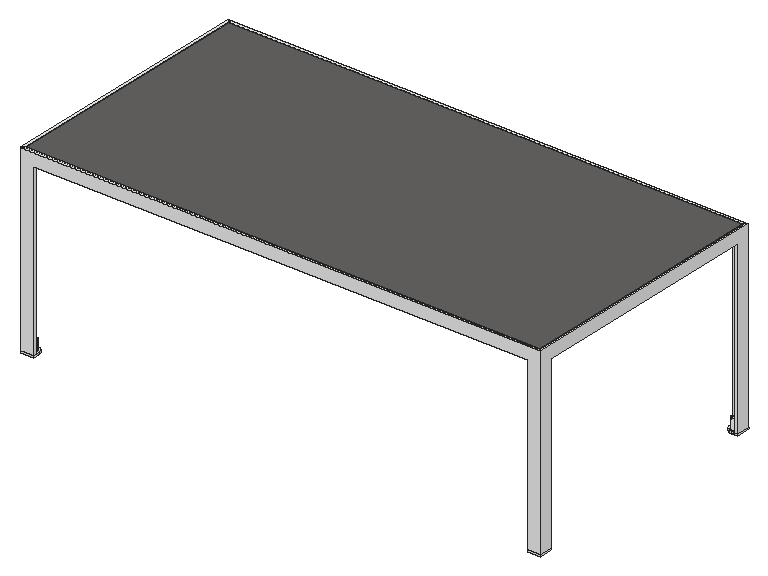
Revit family "Table-Multi_Use-Teknion-PRBG-R2014", category Furniture, Revit 2014
Parameters (values of type "(See Type Catalog)")
  Width = 80 11/16"
  Warranty = "http://www.teknionstudio.com/pdfs/Teknion%20Studio%20Warranty.pdf"
  Unit Weight = 0.00 lbf
  URL = "www.teknionstudio.com"
  Table Top Finish = Veneer - Teknion - P7 - Grey Oak
  Series = "B&B Italia"
  Product Page URL = "http://www.teknionstudio.com/progetto1/"
  Product Line = "Progetto"
  Product Documentation Link = "http://www.teknionstudio.com/pricing/progetto_ppg.pdf"
  Part Number = "PRBG"
  Model = ""
  Manufacturer Phone = "919-464-2920"
  Manufacturer Fax = "919-464-2927"
  Manufacturer Email = "customersupport@teknionstudio.com"
  Manufacturer Address = "3940 US 70 Business HWY West, Clayton, NC 27520"
  Manufacturer = "StudioTK"  # constant formula
  Low Emitting Material = yes
  Low Emitting Finish = yes
  Interior Frame Finish = none
  Height = 28 119/128"
  Foot Offset = if(Adjustable Foot, 5/8", 1/4")  # 5/8"
  Fixed Foot = not(Adjustable Foot)  # no
  Exterior Frame Finish = Metal - Teknion - C6 - Chrome
  Description = ""
  Depth = 40 43/128"
  Assembly Code = "E2020200"
  Adjustable Foot = yes
Reference planes (in)
  plane 1 "Center F/B": y = 0
  plane 2: z = 0
  plane 3 "Center L/R": x = 0
  plane 4 "Left": x = -40.34375
  plane 5 "Right": x = 40.34375
  plane 6 "Back": y = 20.16797
  plane 7 "Front": y = -20.16797
  plane 8 "Top": z = 28.92969
  plane 9: z = 0.625
  plane 10 "Revolve Front": y = -18.89639
  plane 11 "Revolve Back": y = 18.89639
  plane 12: z = 28.52344
Forms (in)
  Sweep 1, solid, material "Veneer - Teknion - P7 - Grey Oak" <- "Table Top Finish"
    path origin (0, 0, 28.92969) x (-1, 0, 0) y (0, -1, 0)
      loop
        line (39.94233, 0) -> (-39.94233, 0)
    profile origin (0, 0, 28.92969) x (0, 1, 0) y (0, 0, 1)
      loop
        line (19.76655, 0) -> (-19.76655, 0) -> (-19.76655, -0.40625) -> (19.76655, -0.40625) -> (19.76655, 0)
  Sweep 2, solid, material "Metal - Teknion - C6 - Chrome" <- "Exterior Frame Finish"
    path origin (0, 0, 0) x (1, 0, 0) y (0, 0, 1)
      loop
        line (0, 28.92969) -> (0, 0.625)
    profile origin (0, 0, 14.77734) x (0, -1, 0) y (1, 0, 0)
      loop
        line (-18.1473, -39.94233) -> (-19.66827, -39.94233) -> (-20.06968, -40.34375) -> (-18.1473, -40.34375) -> (-18.1473, -39.94233)
      loop
        line (-19.76655, -39.84405) -> (-19.76655, -38.32308) -> (-20.16797, -38.32308) -> (-20.16797, -40.24546) -> (-19.76655, -39.84405)
      loop
        line (-18.1473, 39.94233) -> (-18.1473, 40.34375) -> (-20.06968, 40.34375) -> (-19.66827, 39.94233) -> (-18.1473, 39.94233)
      loop
        line (-19.76655, 39.84405) -> (-20.16797, 40.24546) -> (-20.16797, 38.32308) -> (-19.76655, 38.32308) -> (-19.76655, 39.84405)
      loop
        line (18.1473, 39.94233) -> (19.66827, 39.94233) -> (20.06968, 40.34375) -> (18.1473, 40.34375) -> (18.1473, 39.94233)
      loop
        line (19.76655, 39.84405) -> (19.76655, 38.32308) -> (20.16797, 38.32308) -> (20.16797, 40.24546) -> (19.76655, 39.84405)
      loop
        line (18.1473, -39.94233) -> (18.1473, -40.34375) -> (20.06968, -40.34375) -> (19.66827, -39.94233) -> (18.1473, -39.94233)
      loop
        line (19.76655, -39.84405) -> (20.16797, -40.24546) -> (20.16797, -38.32308) -> (19.76655, -38.32308) -> (19.76655, -39.84405)
  Sweep 3, solid, material "Metal - Teknion - C6 - Chrome" <- "Exterior Frame Finish"
    path origin (0, 0, 28.92969) x (-1, 0, 0) y (0, -1, 0)
      loop
        line (0, 18.1473) -> (0, -18.1473)
    profile origin (0, 0, 28.92969) x (-1, 0, 0) y (0, 0, 1)
      loop
        line (40.34375, 0) -> (39.94233, 0) -> (39.94233, -1.9685) -> (40.34375, -1.9685) -> (40.34375, 0)
      loop
        line (-40.34375, 0) -> (-40.34375, -1.9685) -> (-39.94233, -1.9685) -> (-39.94233, 0) -> (-40.34375, 0)
  Sweep 4, solid, material "Metal - Teknion - C6 - Chrome" <- "Exterior Frame Finish", visible <- "Adjustable Foot"
    path origin (0, 0, 0) x (1, 0, 0) y (0, 0, 1)
      loop
        line (0, 0.376) -> (0, 0.625)
    profile origin (0, 0, 0.5005) x (-1, 0, 0) y (0, -1, 0)
      loop
        line (40.34375, -20.16797) -> (40.34375, -18.1473) -> (39.32308, -18.1473)
        arc (39.32308, -18.1473) -> (38.61597, -18.44019) -> (38.32308, -19.1473) r 1
        line (38.32308, -19.1473) -> (38.32308, -20.16797) -> (40.34375, -20.16797)
      loop
        line (-40.34375, -20.16797) -> (-38.32308, -20.16797) -> (-38.32308, -19.1473)
        arc (-38.32308, -19.1473) -> (-38.61597, -18.44019) -> (-39.32308, -18.1473) r 1
        line (-39.32308, -18.1473) -> (-40.34375, -18.1473) -> (-40.34375, -20.16797)
      loop
        line (-40.34375, 20.16797) -> (-40.34375, 18.1473) -> (-39.32308, 18.1473)
        arc (-39.32308, 18.1473) -> (-38.61597, 18.44019) -> (-38.32308, 19.1473) r 1
        line (-38.32308, 19.1473) -> (-38.32308, 20.16797) -> (-40.34375, 20.16797)
      loop
        line (40.34375, 20.16797) -> (38.32308, 20.16797) -> (38.32308, 19.1473)
        arc (38.32308, 19.1473) -> (38.61597, 18.44019) -> (39.32308, 18.1473) r 1
        line (39.32308, 18.1473) -> (40.34375, 18.1473) -> (40.34375, 20.16797)
  Revolve 5, solid, material "Metal - Teknion - C6 - Chrome" <- "Exterior Frame Finish", visible <- "Adjustable Foot"
    sketch origin (0, -18.89639, 0) x (1, 0, 0) y (0, 0, 1)
      loop
        line (-38.69808, 2.17054) -> (-39.07308, 2.17054) -> (-39.07308, 0) -> (-38.76058, 0) -> (-38.76058, 0.126) -> (-38.69808, 0.126) -> (-38.69808, 2.17054)
      axis (-39.07308, 0) -> (-39.07308, 2.17054)
    angle from 0 to 360
  Sweep 6, solid, material "Metal - Teknion - C6 - Chrome" <- "Exterior Frame Finish", visible <- "Adjustable Foot"
    path origin (0, -18.89639, 0) x (1, 0, 0) y (0, 0, 1)
      loop
        line (0, 0.376) -> (0, 0.625)
    profile origin (0, -18.89639, 0.5005) x (-1, 0, 0) y (0, -1, 0)
      loop
        line (38.32308, -38.66295) -> (38.32308, -39.06436) -> (40.34375, -39.06436) -> (40.34375, -37.04369) -> (39.94233, -37.04369) -> (39.94233, -38.66295) -> (38.32308, -38.66295)
      loop
        line (-38.32308, -39.06436) -> (-38.32308, -38.66295) -> (-39.94233, -38.66295) -> (-39.94233, -37.04369) -> (-40.34375, -37.04369) -> (-40.34375, -39.06436) -> (-38.32308, -39.06436)
      loop
        line (-40.34375, -0.74909) -> (-39.94233, -0.74909) -> (-39.94233, 0.87016) -> (-38.32308, 0.87016) -> (-38.32308, 1.27158) -> (-40.34375, 1.27158) -> (-40.34375, -0.74909)
      loop
        line (38.32308, 1.27158) -> (38.32308, 0.87016) -> (39.94233, 0.87016) -> (39.94233, -0.74909) -> (40.34375, -0.74909) -> (40.34375, 1.27158) -> (38.32308, 1.27158)
  Sweep 7, solid, material "Metal - Teknion - C6 - Chrome" <- "Exterior Frame Finish"
    path origin (0, 0, 28.92969) x (0, 1, 0) y (-1, 0, 0)
      loop
        line (0, 38.32308) -> (0, -38.32308)
    profile origin (0, 0, 28.92969) x (0, 1, 0) y (0, 0, 1)
      loop
        line (20.16797, 0) -> (19.76655, 0) -> (19.76655, -1.9685) -> (20.16797, -1.9685) -> (20.16797, 0)
      loop
        line (-20.16797, 0) -> (-20.16797, -1.9685) -> (-19.76655, -1.9685) -> (-19.76655, 0) -> (-20.16797, 0)
  Revolve 8, solid, material "Metal - Teknion - C6 - Chrome" <- "Exterior Frame Finish", visible <- "Adjustable Foot"
    sketch origin (0, -18.89639, 0) x (-1, 0, 0) y (0, 0, 1)
      loop
        line (-38.69808, 2.17054) -> (-39.07308, 2.17054) -> (-39.07308, 0) -> (-38.76058, 0) -> (-38.76058, 0.125) -> (-38.69808, 0.125) -> (-38.69808, 2.17054)
      axis (-39.07308, 0) -> (-39.07308, 2.17054)
    angle from 0 to 360
  Revolve 9, solid, material "Metal - Teknion - C6 - Chrome" <- "Exterior Frame Finish", visible <- "Adjustable Foot"
    sketch origin (0, 18.89639, 0) x (1, 0, 0) y (0, 0, 1)
      loop
        line (-38.69808, 2.17054) -> (-39.07308, 2.17054) -> (-39.07308, 0) -> (-38.76058, 0) -> (-38.76058, 0.126) -> (-38.69808, 0.126) -> (-38.69808, 2.17054)
      axis (-39.07308, 0) -> (-39.07308, 2.17054)
    angle from 0 to 360
  Revolve 10, solid, material "Metal - Teknion - C6 - Chrome" <- "Exterior Frame Finish", visible <- "Adjustable Foot"
    sketch origin (0, 18.89639, 0) x (1, 0, 0) y (0, 0, 1)
      loop
        line (38.69808, 2.17054) -> (38.69808, 0.126) -> (38.76058, 0.126) -> (38.76058, 0) -> (39.07308, 0) -> (39.07308, 2.17054) -> (38.69808, 2.17054)
      axis (39.07308, 0) -> (39.07308, 2.17054)
    angle from 0 to 360
  Sweep 11, solid, material <- "Interior Frame Finish"
    path origin (0, -18.89639, 0) x (1, 0, 0) y (0, 0, 1)
      loop
        line (0, 28.52344) -> (0, 26.96118)
    profile origin (0, -18.89639, 27.74231) x (0, -1, 0) y (1, 0, 0)
      loop
        line (-38.66295, -39.94233) -> (0.87016, -39.94233) -> (0.87016, 39.94233) -> (-38.66295, 39.94233) -> (-38.66295, -39.94233)
      loop
        line (0.46875, -39.54092) -> (0.46875, -0.20071) -> (-38.26153, -0.20071) -> (-38.26153, -39.54092) -> (0.46875, -39.54092)
      loop
        line (-38.26153, 39.54092) -> (-38.26153, 0.20071) -> (0.46875, 0.20071) -> (0.46875, 39.54092) -> (-38.26153, 39.54092)
  Sweep 12, solid, material "Metal - Teknion - C6 - Chrome" <- "Exterior Frame Finish", visible <- "Fixed Foot"
    path origin (23.38867, -12.37074, 0) x (1, 0, 0) y (0, 0, 1)
      loop
        line (-23.38867, 0.376) -> (-23.38867, 0.625)
    profile origin (0, -12.37074, 0.5005) x (-1, 0, 0) y (0, -1, 0)
      loop
        line (38.32308, -32.13729) -> (38.32308, -32.5387) -> (40.34375, -32.5387) -> (40.34375, -30.51804) -> (39.94233, -30.51804) -> (39.94233, -32.13729) -> (38.32308, -32.13729)
      loop
        line (-38.32308, -32.5387) -> (-38.32308, -32.13729) -> (-39.94233, -32.13729) -> (-39.94233, -30.51804) -> (-40.34375, -30.51804) -> (-40.34375, -32.5387) -> (-38.32308, -32.5387)
      loop
        line (-40.34375, 5.77656) -> (-39.94233, 5.77656) -> (-39.94233, 7.39582) -> (-38.32308, 7.39582) -> (-38.32308, 7.79723) -> (-40.34375, 7.79723) -> (-40.34375, 5.77656)
      loop
        line (38.32308, 7.79723) -> (38.32308, 7.39582) -> (39.94233, 7.39582) -> (39.94233, 5.77656) -> (40.34375, 5.77656) -> (40.34375, 7.79723) -> (38.32308, 7.79723)
Cuts and joins
  joined: Sweep 4, Revolve 5, Sweep 6, Revolve 9, Revolve 10
  joined: Sweep 2, Sweep 3, Sweep 7
Lines and regions (in)
  Masking region 1
    outline origin (0, 0, 28.92969) x (-1, 0, 0) y (0, -1, 0)
      loop
        line (40.34375, -20.16797) -> (40.34375, 20.16797) -> (-40.34375, 20.16797) -> (-40.34375, -20.16797) -> (40.34375, -20.16797)
  symbolic lines, detail levels medium+fine
    curve 1: line (39.94233, 19.76655, 28.92969) -> (-39.94233, 19.76655, 28.92969)
    curve 2: line (-39.94233, 19.76655, 28.92969) -> (-39.94233, -19.76655, 28.92969)
    curve 3: line (-39.94233, -19.76655, 28.92969) -> (39.94233, -19.76655, 28.92969)
    curve 4: line (39.94233, -19.76655, 28.92969) -> (39.94233, 19.76655, 28.92969)
  symbolic lines, style "FurnitureHiddenLines", detail levels fine
    curve 5: line (-39.54092, 19.36514, 28.92969) -> (-0.20071, 19.36514, 28.92969)
    curve 6: line (-0.20071, 19.36514, 28.92969) -> (-0.20071, -19.36514, 28.92969)
    curve 7: line (-0.20071, -19.36514, 28.92969) -> (-39.54092, -19.36514, 28.92969)
    curve 8: line (-39.54092, -19.36514, 28.92969) -> (-39.54092, 19.36514, 28.92969)
    curve 9: line (0.20071, 19.36514, 28.92969) -> (39.54092, 19.36514, 28.92969)
    curve 10: line (39.54092, 19.36514, 28.92969) -> (39.54092, -19.36514, 28.92969)
    curve 11: line (39.54092, -19.36514, 28.92969) -> (0.20071, -19.36514, 28.92969)
    curve 12: line (0.20071, -19.36514, 28.92969) -> (0.20071, 19.36514, 28.92969)
Dimensions and locks (in)
  equal spacing: plane 4 "Left", plane 3 "Center L/R", plane 5 "Right"
  equal spacing: plane 6 "Back", plane 1 "Center F/B", plane 7 "Front"
  locked: Sweep 1 sketch curve to plane 5 "Right" at 0.40142
  locked: plane 4 "Left" to Sweep 1 sketch curve at 0.40142
  locked: plane 6 "Back" to Sweep 1 sketch curve at 0.40142
  locked: Sweep 1 sketch curve to plane 7 "Front" at 0.40142
  locked: plane 4 "Left" to Sweep 2 sketch curve at 2.02067  (x2)
  locked: Sweep 2 sketch curve to plane 7 "Front" at 2.02067
  locked: plane 4 "Left" to Sweep 2 sketch curve at 0.40142  (x2)
  locked: plane 7 "Front" to Sweep 2 sketch curve at 0.40142
  locked: Sweep 2 sketch curve to plane 7 "Front" at 0.40142
  locked: Sweep 2 sketch curve to plane 5 "Right" at 0.40142  (x2)
  locked: plane 7 "Front" to Sweep 2 sketch curve at 2.02067
  locked: Sweep 2 sketch curve to plane 5 "Right" at 2.02067  (x2)
  locked: plane 9 to Sweep 4 sketch curve at 0.249
  "Width": plane 4 "Left" to plane 5 "Right"
  "Depth": plane 6 "Back" to plane 7 "Front"
  locked: plane 4 "Left" to Sweep 4 sketch curve at 1.02067  (x2)
  locked: plane 6 "Back" to Sweep 4 sketch curve at 1.02067  (x2)
  locked: Sweep 4 sketch curve to plane 5 "Right" at 1.02067  (x2)
  locked: plane 7 "Front" to Sweep 4 sketch curve at 1.02067  (x2)
  locked: Revolve 5 sketch curve to Revolve 5 sketch curve at 0.375
  locked: Revolve 5 sketch curve to Revolve 5 sketch curve at 0.3125
  locked: plane 6 "Back" to Sweep 2 sketch curve at 2.02067
  locked: Sweep 2 sketch curve to plane 6 "Back" at 0.40142
  locked: plane 6 "Back" to Sweep 2 sketch curve at 0.40142
  locked: Sweep 2 sketch curve to plane 6 "Back" at 2.02067
  locked: Revolve 5 sketch curve to plane 4 "Left" at 1.27067
  locked: Revolve 5 sketch curve to plane 2 at 2.17054
  locked: plane 7 "Front" to plane 10 "Revolve Front" at 1.27158
  locked: plane 6 "Back" to plane 11 "Revolve Back" at 1.27158
  locked: plane 9 to Sweep 6 sketch curve at 0.249
  "Foot Offset": plane 9 to plane 2
  locked: plane 4 "Left" to Sweep 3 sketch curve at 0.40142
  locked: plane 8 "Top" to Sweep 3 sketch curve at 1.9685  (x2)
  locked: Sweep 3 sketch curve to plane 5 "Right" at 0.40142
  locked: plane 6 "Back" to Sweep 7 sketch curve at 0.40142
  locked: plane 8 "Top" to Sweep 7 sketch curve at 1.9685
  locked: Sweep 7 sketch curve to plane 7 "Front" at 0.40142
  locked: Sweep 7 sketch curve to plane 8 "Top" at 1.9685
  locked: plane 7 "Front" to Sweep 3 sketch curve at 2.02067
  locked: plane 6 "Back" to Sweep 3 sketch curve at 2.02067
  locked: plane 4 "Left" to Sweep 7 sketch curve at 2.02067
  locked: Sweep 7 sketch curve to plane 5 "Right" at 2.02067
  locked: Revolve 8 sketch curve to Revolve 8 sketch curve at 0.375
  locked: Revolve 8 sketch curve to Revolve 8 sketch curve at 0.3125
  locked: plane 5 "Right" to Revolve 8 sketch curve at 1.27067
  locked: Revolve 8 sketch curve to plane 2 at 2.17054
  locked: Revolve 9 sketch curve to Revolve 9 sketch curve at 0.375
  locked: Revolve 9 sketch curve to Revolve 9 sketch curve at 0.3125
  locked: Revolve 10 sketch curve to Revolve 10 sketch curve at 0.375
  locked: Revolve 10 sketch curve to Revolve 10 sketch curve at 0.3125
  locked: Revolve 9 sketch curve to plane 4 "Left" at 1.27067
  locked: Revolve 9 sketch curve to plane 2 at 2.17054
  locked: plane 5 "Right" to Revolve 10 sketch curve at 1.27067
  locked: Revolve 10 sketch curve to plane 2 at 2.17054
  "Height": plane 8 "Top" to plane 2
  locked: plane 8 "Top" to plane 12 at 0.40625
  locked: plane 12 to Sweep 11 sketch curve at 1.56225
  Sweep 11 sketch curve to plane 3 "Center L/R" to Sweep 11 sketch curve = 0.20071" locked, 0.20071" locked
  plane 4 "Left" to Sweep 11 sketch curve to Sweep 11 sketch curve = 0.40142" locked, 0.40142" locked
  Sweep 11 sketch curve to Sweep 11 sketch curve to plane 7 "Front" = 0.40142" locked, 0.40142" locked
  Sweep 11 sketch curve to Sweep 11 sketch curve to plane 5 "Right" = 0.40142" locked, 0.40142" locked
  Sweep 11 sketch curve to Sweep 11 sketch curve to plane 6 "Back" = 0.40142" locked, 0.40142" locked
  locked: Sweep 2 sketch curve to Sweep 2 sketch curve at 0.139  (x4)
  locked: Revolve 5 sketch curve to plane 2 at 0.126
  locked: Revolve 9 sketch curve to plane 2 at 0.126
  locked: Revolve 8 sketch curve to plane 2 at 0.125
  locked: Revolve 10 sketch curve to plane 2 at 0.126
  locked: plane 9 to Sweep 12 sketch curve at 0.249
  locked: plane 4 "Left" to Sweep 12 sketch curve at 0.40142  (x2)
  locked: plane 4 "Left" to Sweep 12 sketch curve at 2.02067  (x2)
  locked: Sweep 12 sketch curve to plane 6 "Back" at 0.40142  (x2)
  locked: Sweep 12 sketch curve to plane 6 "Back" at 2.02067  (x2)
  locked: Sweep 12 sketch curve to plane 7 "Front" at 2.02067  (x2)
  locked: Sweep 12 sketch curve to plane 7 "Front" at 0.40142  (x2)
  locked: Sweep 12 sketch curve to plane 5 "Right" at 0.40142  (x2)
  locked: Sweep 12 sketch curve to plane 5 "Right" at 2.02067  (x2)
  aligned and locked: level to plane 2
  aligned and locked: Sweep 1 sketch curve to plane 1 "Center F/B"
  aligned and locked: Sweep 1 sketch curve to plane 8 "Top"
  aligned and locked: plane 8 "Top" to Sweep 2 sketch curve
  aligned and locked: plane 9 to Sweep 2 sketch curve
  aligned and locked: Sweep 2 sketch curve to plane 3 "Center L/R"
  aligned and locked: Sweep 2 sketch curve to plane 4 "Left"
  aligned and locked: Sweep 2 sketch curve to plane 6 "Back"
  aligned and locked: plane 6 "Back" to Sweep 2 sketch curve
  aligned and locked: Sweep 2 sketch curve to plane 5 "Right"
  aligned and locked: Sweep 2 sketch curve to plane 7 "Front"  (x2)
  aligned and locked: plane 5 "Right" to Sweep 2 sketch curve
  aligned and locked: plane 4 "Left" to Sweep 2 sketch curve
  aligned and locked: plane 3 "Center L/R" to Sweep 4 sketch curve
  aligned and locked: plane 9 to Sweep 4 sketch curve
  aligned and locked: Sweep 4 sketch curve to plane 4 "Left"
  aligned and locked: Sweep 4 sketch curve to plane 6 "Back"
  aligned and locked: Sweep 4 sketch curve to plane 7 "Front"  (x2)
  aligned and locked: plane 4 "Left" to Sweep 4 sketch curve
  aligned and locked: plane 5 "Right" to Sweep 4 sketch curve
  aligned and locked: Sweep 4 sketch curve to plane 5 "Right"
  aligned and locked: plane 6 "Back" to Sweep 4 sketch curve
  aligned and locked: Revolve 5 sketch curve to Revolve 5 sketch curve
  aligned and locked: plane 3 "Center L/R" to Sweep 6 sketch curve
  aligned and locked: plane 9 to Sweep 6 sketch curve
  aligned and locked: Sweep 6 sketch curve to Sweep 2  (x24)
  aligned and locked: plane 3 "Center L/R" to Sweep 3 sketch curve
  aligned and locked: plane 4 "Left" to Sweep 3 sketch curve
  aligned and locked: Sweep 3 sketch curve to plane 8 "Top"
  aligned and locked: plane 5 "Right" to Sweep 3 sketch curve
  aligned and locked: plane 8 "Top" to Sweep 3 sketch curve
  aligned and locked: Sweep 7 sketch curve to plane 1 "Center F/B"
  aligned and locked: Sweep 7 sketch curve to plane 8 "Top"
  aligned and locked: Sweep 7 sketch curve to plane 6 "Back"
  aligned and locked: plane 7 "Front" to Sweep 7 sketch curve
  aligned and locked: plane 8 "Top" to Sweep 7 sketch curve
  aligned and locked: Revolve 8 sketch curve to Revolve 8 sketch curve
  aligned and locked: plane 2 to Revolve 8 sketch curve
  aligned and locked: Revolve 9 sketch curve to Revolve 9 sketch curve
  aligned and locked: Revolve 10 sketch curve to Revolve 10 sketch curve
  aligned and locked: plane 2 to Revolve 10 sketch curve
  aligned and locked: Sweep 1 sketch curve to plane 12
  aligned and locked: plane 12 to Sweep 11 sketch curve
  aligned and locked: Sweep 11 sketch curve to plane 3 "Center L/R"
  aligned and locked: Masking region 1 sketch curve to plane 6 "Back"
  aligned and locked: Masking region 1 sketch curve to plane 7 "Front"
  aligned and locked: Masking region 1 sketch curve to plane 5 "Right"
  aligned and locked: plane 4 "Left" to Masking region 1 sketch curve
  aligned and locked: curve 1 to Sweep 1
  aligned and locked: curve 2 to Sweep 1
  aligned and locked: curve 3 to Sweep 1
  aligned and locked: curve 4 to Sweep 1
  aligned and locked: curve 5 to Sweep 11
  aligned and locked: curve 6 to Sweep 11
  aligned and locked: curve 7 to Sweep 11
  aligned and locked: curve 8 to Sweep 11
  aligned and locked: curve 9 to Sweep 11
  aligned and locked: curve 10 to Sweep 11
  aligned and locked: curve 11 to Sweep 11
  aligned and locked: curve 12 to Sweep 11
  aligned and locked: plane 3 "Center L/R" to Sweep 12 sketch curve
  aligned and locked: plane 9 to Sweep 12 sketch curve
  aligned and locked: plane 6 "Back" to Sweep 12 sketch curve  (x2)
  aligned and locked: Sweep 12 sketch curve to plane 4 "Left"  (x2)
  aligned and locked: Sweep 12 sketch curve to plane 7 "Front"
  aligned and locked: plane 7 "Front" to Sweep 12 sketch curve
  aligned and locked: plane 5 "Right" to Sweep 12 sketch curve  (x2)
Automatic sketch dimensions
  Sweep 4 sketch curve to Sweep 4 sketch curve = 1"  (x4)
  Revolve 5 sketch curve to level = 0"
  Revolve 5 sketch curve to Revolve 5 sketch curve = 0.28131"
  Revolve 5 sketch curve to Revolve 5 sketch curve = 0.04815"
  Revolve 9 sketch curve to level = 0"
  Revolve 9 sketch curve to Revolve 9 sketch curve = 0.28131"
  Revolve 9 sketch curve to Revolve 9 sketch curve = 0.04815"
  Revolve 10 sketch curve to Revolve 10 sketch curve = 0.28131"
  Revolve 10 sketch curve to Revolve 10 sketch curve = 0.04815"
  Sweep 11 sketch curve to Sweep 11 sketch curve = 0"  (x2)
  Sweep 2 sketch curve to Sweep 2 sketch curve = 0.09829"  (x8)
  level to Revolve 8 sketch curve = 0.28131"
  Revolve 8 sketch curve to Revolve 8 sketch curve = 0.04815"
